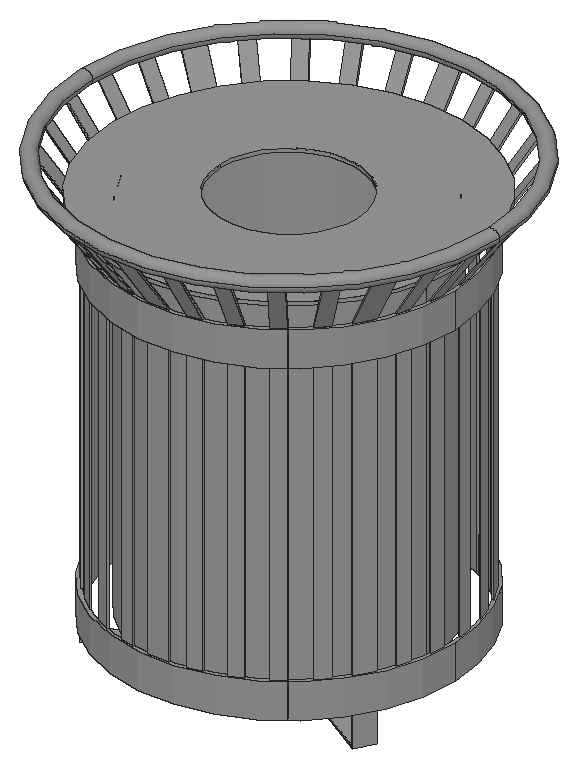
Revit family "Урна для угля и пепла (пожаробезопасная) Арт 9616", category Антураж, Revit 2018
Family settings
  На основе рабочей плоскости = Нет
  Всегда вертикально = Да
  При загрузке вырезать с полостями = Нет
  Источник визуального образа = Геометрия семейства
  Общий = Нет
  Точка расчета площади = Нет
Parameters (values of type "Урна для угля и пепла (пожаробезопасная)")
  Ширина = Диаметр  # 610 mm
  Цвет урны = Сталь
  Описание = "Урна для угля и пепла (пожаробезопасная)"  # constant formula
  Материал изделия = "Сталь"  # constant formula
  Изображение типоразмера = Урна для угля и пепла (пожаробезопасная) Арт 9616.jpg
  Изготовитель = "ООО «Хоббика»"  # constant formula
  Длина = Диаметр  # 610 mm
  Диаметр = 610 mm  # constant formula
  Группа модели = "Дровницы и угольницы"  # constant formula
  Высота = 652 mm  # constant formula
  Артикул товара = "Арт. 9616"  # constant formula
  URL = "https://hobbyka.ru/product/urna_dlya_uglya_i_pepla_pozharobezopasnaya/"
Reference planes
  plane 1 "По центру (Вперед/Назад)": y = 0
  plane 2: z = 0
  plane 3 "По центру (Влево/Вправо)": x = 0
  plane 4: y = 610
  plane 5: x = 610
  plane 6: z = 652
Forms (mm)
  Sweep 1, solid, material "Сталь" <- "Цвет урны"
    path origin (0, 0, 0) x (1, 0, 0) y (0, 1, 0)
      loop
        circle (305, 305) r 305
    profile origin (305, 610, 0) x (0, -1, 0) y (0, 0, 1)
      loop
        circle (10, 642) r 10
      loop
        line (63.221, 552.244) -> (63.221, 502.244) -> (68.221, 502.244) -> (68.221, 552.244) -> (63.221, 552.244)
      loop
        line (63.221, 95) -> (63.221, 45) -> (68.221, 45) -> (68.221, 95) -> (63.221, 95)
  Extrusion 2, solid, material "Сталь" <- "Цвет урны"
    sketch origin (0, 0, 0) x (0, 1, 0) y (0, 0, 1)
      loop
        line (598.807, 632.071) -> (539.779, 552.575) -> (539.779, 2) -> (462.814, 2) -> (424.687, 55.887) -> (405, 55.887) -> (405, 53.887) -> (423.652, 53.887) -> (461.779, 0) -> (541.779, 0) -> (541.779, 551.913) -> (601.309, 632.086)
        arc (601.309, 632.086) -> (600.059, 632) -> (598.807, 632.071) r 10
    from 290 to 320
  Extrusion 3, solid, material "Сталь" <- "Цвет урны"
    sketch origin (-111.638, 416.638, 0) x (0.866025, 0.5, 0) y (0, 0, 1)
      loop
        line (598.807, 632.071) -> (539.779, 552.575) -> (539.779, 45) -> (541.779, 45) -> (541.779, 551.913) -> (601.309, 632.086)
        arc (601.309, 632.086) -> (600.059, 632) -> (598.807, 632.071) r 10
    from 290 to 320
  Extrusion 4, solid, material "Сталь" <- "Цвет урны"
    sketch origin (610, 610, 0) x (0, -1, 0) y (0, 0, 1)
      loop
        line (598.807, 632.071) -> (539.779, 552.575) -> (539.779, 45) -> (541.779, 45) -> (541.779, 551.913) -> (601.309, 632.086)
        arc (601.309, 632.086) -> (600.059, 632) -> (598.807, 632.071) r 10
    from 290 to 320
  Extrusion 5, solid, material "Сталь" <- "Цвет урны"
    sketch origin (416.638, -111.638, 0) x (-0.866025, 0.5, 0) y (0, 0, 1)
      loop
        line (598.807, 632.071) -> (539.779, 552.575) -> (539.779, 45) -> (541.779, 45) -> (541.779, 551.913) -> (601.309, 632.086)
        arc (601.309, 632.086) -> (600.059, 632) -> (598.807, 632.071) r 10
    from 290 to 320
  Extrusion 6, solid, material "Сталь" <- "Цвет урны"
    sketch origin (-56.748, 70.078, 0) x (0.207912, 0.978148, 0) y (0, 0, 1)
      loop
        line (598.807, 632.071) -> (539.779, 552.575) -> (539.779, 45) -> (541.779, 45) -> (541.779, 551.913) -> (601.309, 632.086)
        arc (601.309, 632.086) -> (600.059, 632) -> (598.807, 632.071) r 10
    from 295 to 315
  Extrusion 7, solid, material "Сталь" <- "Цвет урны"
    sketch origin (-97.686, 150.423, 0) x (0.406737, 0.913545, 0) y (0, 0, 1)
      loop
        line (598.807, 632.071) -> (539.779, 552.575) -> (539.779, 45) -> (541.779, 45) -> (541.779, 551.913) -> (601.309, 632.086)
        arc (601.309, 632.086) -> (600.059, 632) -> (598.807, 632.071) r 10
    from 295 to 315
  Extrusion 8, solid, material "Сталь" <- "Цвет урны"
    sketch origin (-121.025, 237.524, 0) x (0.587785, 0.809017, 0) y (0, 0, 1)
      loop
        line (598.807, 632.071) -> (539.779, 552.575) -> (539.779, 45) -> (541.779, 45) -> (541.779, 551.913) -> (601.309, 632.086)
        arc (601.309, 632.086) -> (600.059, 632) -> (598.807, 632.071) r 10
    from 295 to 315
  Extrusion 9, solid, material "Сталь" <- "Цвет урны"
    sketch origin (-125.744, 327.574, 0) x (0.743145, 0.669131, 0) y (0, 0, 1)
      loop
        line (598.807, 632.071) -> (539.779, 552.575) -> (539.779, 45) -> (541.779, 45) -> (541.779, 551.913) -> (601.309, 632.086)
        arc (601.309, 632.086) -> (600.059, 632) -> (598.807, 632.071) r 10
    from 295 to 315
  Extrusion 10, solid, material "Сталь" <- "Цвет урны"
    sketch origin (-79.322, 500.822, 0) x (0.951057, 0.309017, 0) y (0, 0, 1)
      loop
        line (598.807, 632.071) -> (539.779, 552.575) -> (539.779, 45) -> (541.779, 45) -> (541.779, 551.913) -> (601.309, 632.086)
        arc (601.309, 632.086) -> (600.059, 632) -> (598.807, 632.071) r 10
    from 295 to 315
  Extrusion 11, solid, material "Сталь" <- "Цвет урны"
    sketch origin (-30.21, 576.448, 0) x (0.994522, 0.104528, 0) y (0, 0, 1)
      loop
        line (598.807, 632.071) -> (539.779, 552.575) -> (539.779, 45) -> (541.779, 45) -> (541.779, 551.913) -> (601.309, 632.086)
        arc (601.309, 632.086) -> (600.059, 632) -> (598.807, 632.071) r 10
    from 295 to 315
  Extrusion 12, solid, material "Сталь" <- "Цвет урны"
    sketch origin (33.552, 640.21, 0) x (0.994522, -0.104528, 0) y (0, 0, 1)
      loop
        line (598.807, 632.071) -> (539.779, 552.575) -> (539.779, 45) -> (541.779, 45) -> (541.779, 551.913) -> (601.309, 632.086)
        arc (601.309, 632.086) -> (600.059, 632) -> (598.807, 632.071) r 10
    from 295 to 315
  Extrusion 13, solid, material "Сталь" <- "Цвет урны"
    sketch origin (109.178, 689.322, 0) x (0.951057, -0.309017, 0) y (0, 0, 1)
      loop
        line (598.807, 632.071) -> (539.779, 552.575) -> (539.779, 45) -> (541.779, 45) -> (541.779, 551.913) -> (601.309, 632.086)
        arc (601.309, 632.086) -> (600.059, 632) -> (598.807, 632.071) r 10
    from 295 to 315
  Extrusion 14, solid, material "Сталь" <- "Цвет урны"
    sketch origin (282.426, 735.744, 0) x (0.743145, -0.669131, 0) y (0, 0, 1)
      loop
        line (598.807, 632.071) -> (539.779, 552.575) -> (539.779, 45) -> (541.779, 45) -> (541.779, 551.913) -> (601.309, 632.086)
        arc (601.309, 632.086) -> (600.059, 632) -> (598.807, 632.071) r 10
    from 295 to 315
  Extrusion 15, solid, material "Сталь" <- "Цвет урны"
    sketch origin (372.476, 731.025, 0) x (0.587785, -0.809017, 0) y (0, 0, 1)
      loop
        line (598.807, 632.071) -> (539.779, 552.575) -> (539.779, 45) -> (541.779, 45) -> (541.779, 551.913) -> (601.309, 632.086)
        arc (601.309, 632.086) -> (600.059, 632) -> (598.807, 632.071) r 10
    from 295 to 315
  Extrusion 16, solid, material "Сталь" <- "Цвет урны"
    sketch origin (459.577, 707.686, 0) x (0.406737, -0.913545, 0) y (0, 0, 1)
      loop
        line (598.807, 632.071) -> (539.779, 552.575) -> (539.779, 45) -> (541.779, 45) -> (541.779, 551.913) -> (601.309, 632.086)
        arc (601.309, 632.086) -> (600.059, 632) -> (598.807, 632.071) r 10
    from 295 to 315
  Extrusion 17, solid, material "Сталь" <- "Цвет урны"
    sketch origin (539.922, 666.748, 0) x (0.207912, -0.978148, 0) y (0, 0, 1)
      loop
        line (598.807, 632.071) -> (539.779, 552.575) -> (539.779, 45) -> (541.779, 45) -> (541.779, 551.913) -> (601.309, 632.086)
        arc (601.309, 632.086) -> (600.059, 632) -> (598.807, 632.071) r 10
    from 295 to 315
  Extrusion 18, solid, material "Сталь" <- "Цвет урны"
    sketch origin (666.748, 539.922, 0) x (-0.207912, -0.978148, 0) y (0, 0, 1)
      loop
        line (598.807, 632.071) -> (539.779, 552.575) -> (539.779, 45) -> (541.779, 45) -> (541.779, 551.913) -> (601.309, 632.086)
        arc (601.309, 632.086) -> (600.059, 632) -> (598.807, 632.071) r 10
    from 295 to 315
  Extrusion 19, solid, material "Сталь" <- "Цвет урны"
    sketch origin (707.686, 459.577, 0) x (-0.406737, -0.913545, 0) y (0, 0, 1)
      loop
        line (598.807, 632.071) -> (539.779, 552.575) -> (539.779, 45) -> (541.779, 45) -> (541.779, 551.913) -> (601.309, 632.086)
        arc (601.309, 632.086) -> (600.059, 632) -> (598.807, 632.071) r 10
    from 295 to 315
  Extrusion 20, solid, material "Сталь" <- "Цвет урны"
    sketch origin (731.025, 372.476, 0) x (-0.587785, -0.809017, 0) y (0, 0, 1)
      loop
        line (598.807, 632.071) -> (539.779, 552.575) -> (539.779, 45) -> (541.779, 45) -> (541.779, 551.913) -> (601.309, 632.086)
        arc (601.309, 632.086) -> (600.059, 632) -> (598.807, 632.071) r 10
    from 295 to 315
  Extrusion 21, solid, material "Сталь" <- "Цвет урны"
    sketch origin (735.744, 282.426, 0) x (-0.743145, -0.669131, 0) y (0, 0, 1)
      loop
        line (598.807, 632.071) -> (539.779, 552.575) -> (539.779, 45) -> (541.779, 45) -> (541.779, 551.913) -> (601.309, 632.086)
        arc (601.309, 632.086) -> (600.059, 632) -> (598.807, 632.071) r 10
    from 295 to 315
  Extrusion 22, solid, material "Сталь" <- "Цвет урны"
    sketch origin (689.322, 109.178, 0) x (-0.951057, -0.309017, 0) y (0, 0, 1)
      loop
        line (598.807, 632.071) -> (539.779, 552.575) -> (539.779, 45) -> (541.779, 45) -> (541.779, 551.913) -> (601.309, 632.086)
        arc (601.309, 632.086) -> (600.059, 632) -> (598.807, 632.071) r 10
    from 295 to 315
  Extrusion 23, solid, material "Сталь" <- "Цвет урны"
    sketch origin (640.21, 33.552, 0) x (-0.994522, -0.104528, 0) y (0, 0, 1)
      loop
        line (598.807, 632.071) -> (539.779, 552.575) -> (539.779, 45) -> (541.779, 45) -> (541.779, 551.913) -> (601.309, 632.086)
        arc (601.309, 632.086) -> (600.059, 632) -> (598.807, 632.071) r 10
    from 295 to 315
  Extrusion 24, solid, material "Сталь" <- "Цвет урны"
    sketch origin (576.448, -30.21, 0) x (-0.994522, 0.104528, 0) y (0, 0, 1)
      loop
        line (598.807, 632.071) -> (539.779, 552.575) -> (539.779, 45) -> (541.779, 45) -> (541.779, 551.913) -> (601.309, 632.086)
        arc (601.309, 632.086) -> (600.059, 632) -> (598.807, 632.071) r 10
    from 295 to 315
  Extrusion 25, solid, material "Сталь" <- "Цвет урны"
    sketch origin (500.822, -79.322, 0) x (-0.951057, 0.309017, 0) y (0, 0, 1)
      loop
        line (598.807, 632.071) -> (539.779, 552.575) -> (539.779, 45) -> (541.779, 45) -> (541.779, 551.913) -> (601.309, 632.086)
        arc (601.309, 632.086) -> (600.059, 632) -> (598.807, 632.071) r 10
    from 295 to 315
  Extrusion 26, solid, material "Сталь" <- "Цвет урны"
    sketch origin (327.574, -125.744, 0) x (-0.743145, 0.669131, 0) y (0, 0, 1)
      loop
        line (598.807, 632.071) -> (539.779, 552.575) -> (539.779, 45) -> (541.779, 45) -> (541.779, 551.913) -> (601.309, 632.086)
        arc (601.309, 632.086) -> (600.059, 632) -> (598.807, 632.071) r 10
    from 295 to 315
  Extrusion 27, solid, material "Сталь" <- "Цвет урны"
    sketch origin (237.524, -121.025, 0) x (-0.587785, 0.809017, 0) y (0, 0, 1)
      loop
        line (598.807, 632.071) -> (539.779, 552.575) -> (539.779, 45) -> (541.779, 45) -> (541.779, 551.913) -> (601.309, 632.086)
        arc (601.309, 632.086) -> (600.059, 632) -> (598.807, 632.071) r 10
    from 295 to 315
  Extrusion 28, solid, material "Сталь" <- "Цвет урны"
    sketch origin (150.423, -97.686, 0) x (-0.406737, 0.913545, 0) y (0, 0, 1)
      loop
        line (598.807, 632.071) -> (539.779, 552.575) -> (539.779, 45) -> (541.779, 45) -> (541.779, 551.913) -> (601.309, 632.086)
        arc (601.309, 632.086) -> (600.059, 632) -> (598.807, 632.071) r 10
    from 295 to 315
  Extrusion 29, solid, material "Сталь" <- "Цвет урны"
    sketch origin (70.078, -56.748, 0) x (-0.207912, 0.978148, 0) y (0, 0, 1)
      loop
        line (598.807, 632.071) -> (539.779, 552.575) -> (539.779, 45) -> (541.779, 45) -> (541.779, 551.913) -> (601.309, 632.086)
        arc (601.309, 632.086) -> (600.059, 632) -> (598.807, 632.071) r 10
    from 295 to 315
  Extrusion 30, solid, material "Сталь" <- "Цвет урны"
    sketch origin (193.362, 721.638, 0) x (0.866025, -0.5, 0) y (0, 0, 1)
      loop
        line (598.807, 632.071) -> (539.779, 552.575) -> (539.779, 2) -> (462.814, 2) -> (424.687, 55.887) -> (405, 55.887) -> (405, 53.887) -> (423.652, 53.887) -> (461.779, 0) -> (541.779, 0) -> (541.779, 551.913) -> (601.309, 632.086)
        arc (601.309, 632.086) -> (600.059, 632) -> (598.807, 632.071) r 10
    from 290 to 320
  Extrusion 31, solid, material "Сталь" <- "Цвет урны"
    sketch origin (721.638, 193.362, 0) x (-0.866025, -0.5, 0) y (0, 0, 1)
      loop
        line (598.807, 632.071) -> (539.779, 552.575) -> (539.779, 2) -> (462.814, 2) -> (424.687, 55.887) -> (405, 55.887) -> (405, 53.887) -> (423.652, 53.887) -> (461.779, 0) -> (541.779, 0) -> (541.779, 551.913) -> (601.309, 632.086)
        arc (601.309, 632.086) -> (600.059, 632) -> (598.807, 632.071) r 10
    from 290 to 320
  Extrusion 32, solid, material "Сталь" <- "Цвет урны"
    sketch origin (0, 0, 0) x (1, 0, 0) y (0, 1, 0)
      loop
        circle (305, 305) r 119.687
    from 55 to 57
  Extrusion 33, solid, material "Сталь" <- "Цвет урны"
    sketch origin (0, 0, 0) x (1, 0, 0) y (0, 1, 0)
      loop
        circle (305, 305) r 200
    from 57 to 592.323
  Extrusion 34, void
    sketch origin (0, 0, 0) x (1, 0, 0) y (0, 1, 0)
      loop
        circle (305, 305) r 195
    from 62 to 592.323
  Extrusion 35, solid, material "Сталь" <- "Цвет урны"
    sketch origin (0, 0, 0) x (1, 0, 0) y (0, 1, 0)
      loop
        circle (305, 305) r 256
      loop
        circle (305, 305) r 100
    from 591.719 to 596.719
Cuts and joins
  Extrusion 34 cuts Extrusion 2
  Extrusion 34 cuts Extrusion 30
  Extrusion 34 cuts Extrusion 31
  Extrusion 34 cuts Extrusion 32
  Extrusion 34 cuts Extrusion 33
Lines and regions (mm)
  reference lines
    curve 1: circle (305, 305, 0) r 305 normal (0, 0, 1)
Dimensions and locks
  "Длина": plane 3 "По центру (Влево/Вправо)" to plane 5
  "Ширина": plane 4 to plane 1 "По центру (Вперед/Назад)"
  "Высота": plane 6 to plane 2
  "Диаметр": diameter of curve 1
  aligned and locked: level to plane 2
Automatic sketch dimensions
  plane 3 "По центру (Влево/Вправо)" to curve 1 = 305 mm
  curve 1 to plane 1 "По центру (Вперед/Назад)" = 305 mm
  Sweep 1 sketch curve to profile plane = 10 mm
  Sweep 1 sketch curve to profile plane = 63.221 mm  (x2)
  Sweep 1 sketch curve to Sweep 1 sketch curve = 5 mm  (x2)
  level to Sweep 1 sketch curve = 45 mm
  Sweep 1 sketch curve to Sweep 1 sketch curve = 50 mm  (x2)
  Sweep 1 sketch curve to Sweep 1 sketch curve = 407.244 mm
  Sweep 1 sketch curve to Sweep 1 sketch curve = 89.756 mm
  level to Extrusion 3 sketch curve = 45 mm
  Extrusion 3 sketch curve to plane 6 = 99.425 mm
  Extrusion 3 sketch curve to Extrusion 3 sketch curve = 2 mm
  Extrusion 3 sketch curve to plane 6 = 19.929 mm
  Extrusion 3 sketch curve to Extrusion 3 sketch curve = 57.028 mm
  Extrusion 3 sketch curve to Extrusion 3 sketch curve = 1.193 mm
  Extrusion 3 sketch curve to plane 6 = 19.914 mm
  Extrusion 3 sketch curve to Extrusion 3 sketch curve = 2.502 mm
  Extrusion 3 sketch curve to Extrusion 3 sketch curve = 0.661 mm
  level to Extrusion 4 sketch curve = 45 mm
  Extrusion 4 sketch curve to plane 1 "По центру (Вперед/Назад)" = 70.221 mm
  Extrusion 4 sketch curve to Extrusion 4 sketch curve = 2 mm
  Extrusion 4 sketch curve to plane 1 "По центру (Вперед/Назад)" = 11.193 mm
  Extrusion 4 sketch curve to plane 1 "По центру (Вперед/Назад)" = 10 mm
  Extrusion 4 sketch curve to Extrusion 4 sketch curve = 2.502 mm
  Extrusion 4 sketch curve to plane 6 = 100.087 mm
  Extrusion 4 sketch curve to Extrusion 4 sketch curve = 0.661 mm
  Extrusion 4 sketch curve to plane 6 = 19.929 mm
  Extrusion 4 sketch curve to Extrusion 4 sketch curve = 0.015 mm
  level to Extrusion 5 sketch curve = 45 mm
  Extrusion 5 sketch curve to plane 6 = 99.425 mm
  Extrusion 5 sketch curve to Extrusion 5 sketch curve = 2 mm
  Extrusion 5 sketch curve to plane 6 = 19.929 mm
  Extrusion 5 sketch curve to Extrusion 5 sketch curve = 57.028 mm
  Extrusion 5 sketch curve to Extrusion 5 sketch curve = 1.193 mm
  Extrusion 5 sketch curve to plane 6 = 19.914 mm
  Extrusion 5 sketch curve to Extrusion 5 sketch curve = 2.502 mm
  Extrusion 5 sketch curve to Extrusion 5 sketch curve = 0.661 mm
  level to Extrusion 6 sketch curve = 45 mm
  Extrusion 6 sketch curve to plane 6 = 99.425 mm
  Extrusion 6 sketch curve to Extrusion 6 sketch curve = 2 mm
  Extrusion 6 sketch curve to plane 6 = 19.929 mm
  Extrusion 6 sketch curve to Extrusion 6 sketch curve = 57.028 mm
  Extrusion 6 sketch curve to Extrusion 6 sketch curve = 1.193 mm
  Extrusion 6 sketch curve to plane 6 = 19.914 mm
  Extrusion 6 sketch curve to Extrusion 6 sketch curve = 2.502 mm
  Extrusion 6 sketch curve to Extrusion 6 sketch curve = 0.661 mm
  Extrusion 7 sketch curve to plane 6 = 99.425 mm
  Extrusion 7 sketch curve to Extrusion 7 sketch curve = 2 mm
  Extrusion 7 sketch curve to plane 6 = 19.929 mm
  Extrusion 7 sketch curve to Extrusion 7 sketch curve = 57.028 mm
  Extrusion 7 sketch curve to Extrusion 7 sketch curve = 1.193 mm
  Extrusion 7 sketch curve to plane 6 = 19.914 mm
  Extrusion 7 sketch curve to Extrusion 7 sketch curve = 2.502 mm
  Extrusion 7 sketch curve to Extrusion 7 sketch curve = 0.661 mm
  level to Extrusion 7 sketch curve = 45 mm
  Extrusion 8 sketch curve to plane 6 = 99.425 mm
  Extrusion 8 sketch curve to Extrusion 8 sketch curve = 2 mm
  Extrusion 8 sketch curve to plane 6 = 19.929 mm
  Extrusion 8 sketch curve to Extrusion 8 sketch curve = 57.028 mm
  Extrusion 8 sketch curve to Extrusion 8 sketch curve = 1.193 mm
  Extrusion 8 sketch curve to plane 6 = 19.914 mm
  Extrusion 8 sketch curve to Extrusion 8 sketch curve = 2.502 mm
  Extrusion 8 sketch curve to Extrusion 8 sketch curve = 0.661 mm
  level to Extrusion 8 sketch curve = 45 mm
  Extrusion 9 sketch curve to plane 6 = 99.425 mm
  Extrusion 9 sketch curve to Extrusion 9 sketch curve = 2 mm
  Extrusion 9 sketch curve to plane 6 = 19.929 mm
  Extrusion 9 sketch curve to Extrusion 9 sketch curve = 57.028 mm
  Extrusion 9 sketch curve to Extrusion 9 sketch curve = 1.193 mm
  Extrusion 9 sketch curve to plane 6 = 19.914 mm
  Extrusion 9 sketch curve to Extrusion 9 sketch curve = 2.502 mm
  Extrusion 9 sketch curve to Extrusion 9 sketch curve = 0.661 mm
  level to Extrusion 9 sketch curve = 45 mm
  Extrusion 10 sketch curve to plane 6 = 99.425 mm
  Extrusion 10 sketch curve to Extrusion 10 sketch curve = 2 mm
  Extrusion 10 sketch curve to plane 6 = 19.929 mm
  Extrusion 10 sketch curve to Extrusion 10 sketch curve = 57.028 mm
  Extrusion 10 sketch curve to Extrusion 10 sketch curve = 1.193 mm
  Extrusion 10 sketch curve to plane 6 = 19.914 mm
  Extrusion 10 sketch curve to Extrusion 10 sketch curve = 2.502 mm
  Extrusion 10 sketch curve to Extrusion 10 sketch curve = 0.661 mm
  level to Extrusion 10 sketch curve = 45 mm
  Extrusion 11 sketch curve to plane 6 = 99.425 mm
  Extrusion 11 sketch curve to Extrusion 11 sketch curve = 2 mm
  Extrusion 11 sketch curve to plane 6 = 19.929 mm
  Extrusion 11 sketch curve to Extrusion 11 sketch curve = 57.028 mm
  Extrusion 11 sketch curve to Extrusion 11 sketch curve = 1.193 mm
  Extrusion 11 sketch curve to plane 6 = 19.914 mm
  Extrusion 11 sketch curve to Extrusion 11 sketch curve = 2.502 mm
  Extrusion 11 sketch curve to Extrusion 11 sketch curve = 0.661 mm
  level to Extrusion 11 sketch curve = 45 mm
  Extrusion 12 sketch curve to plane 6 = 99.425 mm
  Extrusion 12 sketch curve to Extrusion 12 sketch curve = 2 mm
  Extrusion 12 sketch curve to plane 6 = 19.929 mm
  Extrusion 12 sketch curve to Extrusion 12 sketch curve = 57.028 mm
  Extrusion 12 sketch curve to Extrusion 12 sketch curve = 1.193 mm
  Extrusion 12 sketch curve to plane 6 = 19.914 mm
  Extrusion 12 sketch curve to Extrusion 12 sketch curve = 2.502 mm
  Extrusion 12 sketch curve to Extrusion 12 sketch curve = 0.661 mm
  level to Extrusion 12 sketch curve = 45 mm
  Extrusion 13 sketch curve to plane 6 = 99.425 mm
  Extrusion 13 sketch curve to Extrusion 13 sketch curve = 2 mm
  Extrusion 13 sketch curve to plane 6 = 19.929 mm
  Extrusion 13 sketch curve to Extrusion 13 sketch curve = 57.028 mm
  Extrusion 13 sketch curve to Extrusion 13 sketch curve = 1.193 mm
  Extrusion 13 sketch curve to plane 6 = 19.914 mm
  Extrusion 13 sketch curve to Extrusion 13 sketch curve = 2.502 mm
  Extrusion 13 sketch curve to Extrusion 13 sketch curve = 0.661 mm
  level to Extrusion 13 sketch curve = 45 mm
  Extrusion 14 sketch curve to plane 6 = 99.425 mm
  Extrusion 14 sketch curve to Extrusion 14 sketch curve = 2 mm
  Extrusion 14 sketch curve to plane 6 = 19.929 mm
  Extrusion 14 sketch curve to Extrusion 14 sketch curve = 57.028 mm
  Extrusion 14 sketch curve to Extrusion 14 sketch curve = 1.193 mm
  Extrusion 14 sketch curve to plane 6 = 19.914 mm
  Extrusion 14 sketch curve to Extrusion 14 sketch curve = 2.502 mm
  Extrusion 14 sketch curve to Extrusion 14 sketch curve = 0.661 mm
  level to Extrusion 14 sketch curve = 45 mm
  Extrusion 15 sketch curve to plane 6 = 99.425 mm
  Extrusion 15 sketch curve to Extrusion 15 sketch curve = 2 mm
  Extrusion 15 sketch curve to plane 6 = 19.929 mm
  Extrusion 15 sketch curve to Extrusion 15 sketch curve = 57.028 mm
  Extrusion 15 sketch curve to Extrusion 15 sketch curve = 1.193 mm
  Extrusion 15 sketch curve to plane 6 = 19.914 mm
  Extrusion 15 sketch curve to Extrusion 15 sketch curve = 2.502 mm
  Extrusion 15 sketch curve to Extrusion 15 sketch curve = 0.661 mm
  level to Extrusion 15 sketch curve = 45 mm
  Extrusion 16 sketch curve to plane 6 = 99.425 mm
  Extrusion 16 sketch curve to Extrusion 16 sketch curve = 2 mm
  Extrusion 16 sketch curve to plane 6 = 19.929 mm
  Extrusion 16 sketch curve to Extrusion 16 sketch curve = 57.028 mm
  Extrusion 16 sketch curve to Extrusion 16 sketch curve = 1.193 mm
  Extrusion 16 sketch curve to plane 6 = 19.914 mm
  Extrusion 16 sketch curve to Extrusion 16 sketch curve = 2.502 mm
  Extrusion 16 sketch curve to Extrusion 16 sketch curve = 0.661 mm
  level to Extrusion 16 sketch curve = 45 mm
  Extrusion 17 sketch curve to plane 6 = 99.425 mm
  Extrusion 17 sketch curve to Extrusion 17 sketch curve = 2 mm
  Extrusion 17 sketch curve to plane 6 = 19.929 mm
  Extrusion 17 sketch curve to Extrusion 17 sketch curve = 57.028 mm
  Extrusion 17 sketch curve to Extrusion 17 sketch curve = 1.193 mm
  Extrusion 17 sketch curve to plane 6 = 19.914 mm
  Extrusion 17 sketch curve to Extrusion 17 sketch curve = 2.502 mm
  Extrusion 17 sketch curve to Extrusion 17 sketch curve = 0.661 mm
  level to Extrusion 17 sketch curve = 45 mm
  Extrusion 18 sketch curve to plane 6 = 99.425 mm
  Extrusion 18 sketch curve to Extrusion 18 sketch curve = 2 mm
  Extrusion 18 sketch curve to plane 6 = 19.929 mm
  Extrusion 18 sketch curve to Extrusion 18 sketch curve = 57.028 mm
  Extrusion 18 sketch curve to Extrusion 18 sketch curve = 1.193 mm
  Extrusion 18 sketch curve to plane 6 = 19.914 mm
  Extrusion 18 sketch curve to Extrusion 18 sketch curve = 2.502 mm
  Extrusion 18 sketch curve to Extrusion 18 sketch curve = 0.661 mm
  level to Extrusion 18 sketch curve = 45 mm
  Extrusion 19 sketch curve to plane 6 = 99.425 mm
  Extrusion 19 sketch curve to Extrusion 19 sketch curve = 2 mm
  Extrusion 19 sketch curve to plane 6 = 19.929 mm
  Extrusion 19 sketch curve to Extrusion 19 sketch curve = 57.028 mm
  Extrusion 19 sketch curve to Extrusion 19 sketch curve = 1.193 mm
  Extrusion 19 sketch curve to plane 6 = 19.914 mm
  Extrusion 19 sketch curve to Extrusion 19 sketch curve = 2.502 mm
  Extrusion 19 sketch curve to Extrusion 19 sketch curve = 0.661 mm
  level to Extrusion 19 sketch curve = 45 mm
  Extrusion 20 sketch curve to plane 6 = 99.425 mm
  Extrusion 20 sketch curve to Extrusion 20 sketch curve = 2 mm
  Extrusion 20 sketch curve to plane 6 = 19.929 mm
  Extrusion 20 sketch curve to Extrusion 20 sketch curve = 57.028 mm
  Extrusion 20 sketch curve to Extrusion 20 sketch curve = 1.193 mm
  Extrusion 20 sketch curve to plane 6 = 19.914 mm
  Extrusion 20 sketch curve to Extrusion 20 sketch curve = 2.502 mm
  Extrusion 20 sketch curve to Extrusion 20 sketch curve = 0.661 mm
  level to Extrusion 20 sketch curve = 45 mm
  Extrusion 21 sketch curve to plane 6 = 99.425 mm
  Extrusion 21 sketch curve to Extrusion 21 sketch curve = 2 mm
  Extrusion 21 sketch curve to plane 6 = 19.929 mm
  Extrusion 21 sketch curve to Extrusion 21 sketch curve = 57.028 mm
  Extrusion 21 sketch curve to Extrusion 21 sketch curve = 1.193 mm
  Extrusion 21 sketch curve to plane 6 = 19.914 mm
  Extrusion 21 sketch curve to Extrusion 21 sketch curve = 2.502 mm
  Extrusion 21 sketch curve to Extrusion 21 sketch curve = 0.661 mm
  level to Extrusion 21 sketch curve = 45 mm
  Extrusion 22 sketch curve to plane 6 = 99.425 mm
  Extrusion 22 sketch curve to Extrusion 22 sketch curve = 2 mm
  Extrusion 22 sketch curve to plane 6 = 19.929 mm
  Extrusion 22 sketch curve to Extrusion 22 sketch curve = 57.028 mm
  Extrusion 22 sketch curve to Extrusion 22 sketch curve = 1.193 mm
  Extrusion 22 sketch curve to plane 6 = 19.914 mm
  Extrusion 22 sketch curve to Extrusion 22 sketch curve = 2.502 mm
  Extrusion 22 sketch curve to Extrusion 22 sketch curve = 0.661 mm
  level to Extrusion 22 sketch curve = 45 mm
  Extrusion 23 sketch curve to plane 6 = 99.425 mm
  Extrusion 23 sketch curve to Extrusion 23 sketch curve = 2 mm
  Extrusion 23 sketch curve to plane 6 = 19.929 mm
  Extrusion 23 sketch curve to Extrusion 23 sketch curve = 57.028 mm
  Extrusion 23 sketch curve to Extrusion 23 sketch curve = 1.193 mm
  Extrusion 23 sketch curve to plane 6 = 19.914 mm
  Extrusion 23 sketch curve to Extrusion 23 sketch curve = 2.502 mm
  Extrusion 23 sketch curve to Extrusion 23 sketch curve = 0.661 mm
  level to Extrusion 23 sketch curve = 45 mm
  Extrusion 24 sketch curve to plane 6 = 99.425 mm
  Extrusion 24 sketch curve to Extrusion 24 sketch curve = 2 mm
  Extrusion 24 sketch curve to plane 6 = 19.929 mm
  Extrusion 24 sketch curve to Extrusion 24 sketch curve = 57.028 mm
  Extrusion 24 sketch curve to Extrusion 24 sketch curve = 1.193 mm
  Extrusion 24 sketch curve to plane 6 = 19.914 mm
  Extrusion 24 sketch curve to Extrusion 24 sketch curve = 2.502 mm
  Extrusion 24 sketch curve to Extrusion 24 sketch curve = 0.661 mm
  level to Extrusion 24 sketch curve = 45 mm
  Extrusion 25 sketch curve to plane 6 = 99.425 mm
  Extrusion 25 sketch curve to Extrusion 25 sketch curve = 2 mm
  Extrusion 25 sketch curve to plane 6 = 19.929 mm
  Extrusion 25 sketch curve to Extrusion 25 sketch curve = 57.028 mm
  Extrusion 25 sketch curve to Extrusion 25 sketch curve = 1.193 mm
  Extrusion 25 sketch curve to plane 6 = 19.914 mm
  Extrusion 25 sketch curve to Extrusion 25 sketch curve = 2.502 mm
  Extrusion 25 sketch curve to Extrusion 25 sketch curve = 0.661 mm
  level to Extrusion 25 sketch curve = 45 mm
  Extrusion 26 sketch curve to plane 6 = 99.425 mm
  Extrusion 26 sketch curve to Extrusion 26 sketch curve = 2 mm
  Extrusion 26 sketch curve to plane 6 = 19.929 mm
  Extrusion 26 sketch curve to Extrusion 26 sketch curve = 57.028 mm
  Extrusion 26 sketch curve to Extrusion 26 sketch curve = 1.193 mm
  Extrusion 26 sketch curve to plane 6 = 19.914 mm
  Extrusion 26 sketch curve to Extrusion 26 sketch curve = 2.502 mm
  Extrusion 26 sketch curve to Extrusion 26 sketch curve = 0.661 mm
  level to Extrusion 26 sketch curve = 45 mm
  Extrusion 27 sketch curve to plane 6 = 99.425 mm
  Extrusion 27 sketch curve to Extrusion 27 sketch curve = 2 mm
  Extrusion 27 sketch curve to plane 6 = 19.929 mm
  Extrusion 27 sketch curve to Extrusion 27 sketch curve = 57.028 mm
  Extrusion 27 sketch curve to Extrusion 27 sketch curve = 1.193 mm
  Extrusion 27 sketch curve to plane 6 = 19.914 mm
  Extrusion 27 sketch curve to Extrusion 27 sketch curve = 2.502 mm
  Extrusion 27 sketch curve to Extrusion 27 sketch curve = 0.661 mm
  level to Extrusion 27 sketch curve = 45 mm
  Extrusion 28 sketch curve to plane 6 = 99.425 mm
  Extrusion 28 sketch curve to Extrusion 28 sketch curve = 2 mm
  Extrusion 28 sketch curve to plane 6 = 19.929 mm
  Extrusion 28 sketch curve to Extrusion 28 sketch curve = 57.028 mm
  Extrusion 28 sketch curve to Extrusion 28 sketch curve = 1.193 mm
  Extrusion 28 sketch curve to plane 6 = 19.914 mm
  Extrusion 28 sketch curve to Extrusion 28 sketch curve = 2.502 mm
  Extrusion 28 sketch curve to Extrusion 28 sketch curve = 0.661 mm
  level to Extrusion 28 sketch curve = 45 mm
  Extrusion 29 sketch curve to plane 6 = 99.425 mm
  Extrusion 29 sketch curve to Extrusion 29 sketch curve = 2 mm
  Extrusion 29 sketch curve to plane 6 = 19.929 mm
  Extrusion 29 sketch curve to Extrusion 29 sketch curve = 57.028 mm
  Extrusion 29 sketch curve to Extrusion 29 sketch curve = 1.193 mm
  Extrusion 29 sketch curve to plane 6 = 19.914 mm
  Extrusion 29 sketch curve to Extrusion 29 sketch curve = 2.502 mm
  Extrusion 29 sketch curve to Extrusion 29 sketch curve = 0.661 mm
  level to Extrusion 29 sketch curve = 45 mm
  Extrusion 2 sketch curve to level = 0 mm
  level to Extrusion 2 sketch curve = 53.887 mm
  Extrusion 2 sketch curve to plane 4 = 186.348 mm
  Extrusion 2 sketch curve to plane 4 = 70.221 mm
  Extrusion 2 sketch curve to Extrusion 2 sketch curve = 2 mm  (x2)
  Extrusion 2 sketch curve to plane 4 = 11.193 mm
  Extrusion 2 sketch curve to Extrusion 2 sketch curve = 1.193 mm
  Extrusion 2 sketch curve to Extrusion 2 sketch curve = 2.502 mm
  Extrusion 2 sketch curve to plane 6 = 100.087 mm
  Extrusion 2 sketch curve to Extrusion 2 sketch curve = 0.661 mm
  Extrusion 2 sketch curve to plane 6 = 19.929 mm
  Extrusion 2 sketch curve to Extrusion 2 sketch curve = 0.015 mm
  Extrusion 2 sketch curve to Extrusion 2 sketch curve = 18.652 mm
  Extrusion 2 sketch curve to Extrusion 2 sketch curve = 38.127 mm
  level to Extrusion 2 sketch curve = 2 mm
  Extrusion 2 sketch curve to Extrusion 2 sketch curve = 1.035 mm  (x2)
  Extrusion 30 sketch curve to level = 0 mm
  level to Extrusion 30 sketch curve = 53.887 mm
  Extrusion 30 sketch curve to Extrusion 30 sketch curve = 18.652 mm
  level to Extrusion 30 sketch curve = 55.887 mm
  Extrusion 30 sketch curve to Extrusion 30 sketch curve = 1.035 mm  (x2)
  Extrusion 30 sketch curve to Extrusion 30 sketch curve = 38.127 mm
  level to Extrusion 30 sketch curve = 2 mm
  Extrusion 30 sketch curve to Extrusion 30 sketch curve = 76.965 mm
  Extrusion 30 sketch curve to Extrusion 30 sketch curve = 2 mm
  Extrusion 30 sketch curve to plane 6 = 19.929 mm
  Extrusion 30 sketch curve to Extrusion 30 sketch curve = 57.028 mm
  Extrusion 30 sketch curve to Extrusion 30 sketch curve = 1.193 mm
  Extrusion 30 sketch curve to plane 6 = 19.914 mm
  Extrusion 30 sketch curve to Extrusion 30 sketch curve = 2.502 mm
  Extrusion 30 sketch curve to Extrusion 30 sketch curve = 80.158 mm
  Extrusion 30 sketch curve to Extrusion 30 sketch curve = 0.661 mm
  level to Extrusion 31 sketch curve = 0 mm
  level to Extrusion 31 sketch curve = 53.887 mm
  Extrusion 31 sketch curve to Extrusion 31 sketch curve = 18.652 mm
  level to Extrusion 31 sketch curve = 55.887 mm
  Extrusion 31 sketch curve to Extrusion 31 sketch curve = 1.035 mm  (x2)
  Extrusion 31 sketch curve to Extrusion 31 sketch curve = 38.127 mm
  level to Extrusion 31 sketch curve = 2 mm
  Extrusion 31 sketch curve to Extrusion 31 sketch curve = 76.965 mm
  Extrusion 31 sketch curve to Extrusion 31 sketch curve = 2 mm
  Extrusion 31 sketch curve to plane 6 = 19.929 mm
  Extrusion 31 sketch curve to Extrusion 31 sketch curve = 57.028 mm
  Extrusion 31 sketch curve to Extrusion 31 sketch curve = 1.193 mm
  Extrusion 31 sketch curve to plane 6 = 19.914 mm
  Extrusion 31 sketch curve to Extrusion 31 sketch curve = 2.502 mm
  Extrusion 31 sketch curve to Extrusion 31 sketch curve = 80.158 mm
  Extrusion 31 sketch curve to Extrusion 31 sketch curve = 0.661 mm
  plane 3 "По центру (Влево/Вправо)" to Extrusion 32 sketch curve = 305 mm
  Extrusion 32 sketch curve to plane 1 "По центру (Вперед/Назад)" = 305 mm
  plane 3 "По центру (Влево/Вправо)" to Extrusion 33 sketch curve = 305 mm
  Extrusion 33 sketch curve to plane 1 "По центру (Вперед/Назад)" = 305 mm
  plane 3 "По центру (Влево/Вправо)" to Extrusion 34 sketch curve = 305 mm
  Extrusion 34 sketch curve to plane 1 "По центру (Вперед/Назад)" = 305 mm
  Extrusion 35 sketch curve to Extrusion 35 sketch curve = 0 mm  (x2)
  plane 3 "По центру (Влево/Вправо)" to Extrusion 35 sketch curve = 305 mm
  Extrusion 35 sketch curve to plane 1 "По центру (Вперед/Назад)" = 305 mm
  radius of Sweep 1 sketch curve = 10 mm
  radius of Extrusion 32 sketch curve = 119.687 mm
  radius of Extrusion 33 sketch curve = 200 mm
  radius of Extrusion 34 sketch curve = 195 mm
  radius of Extrusion 35 sketch curve = 256 mm
  radius of Extrusion 35 sketch curve = 100 mm
